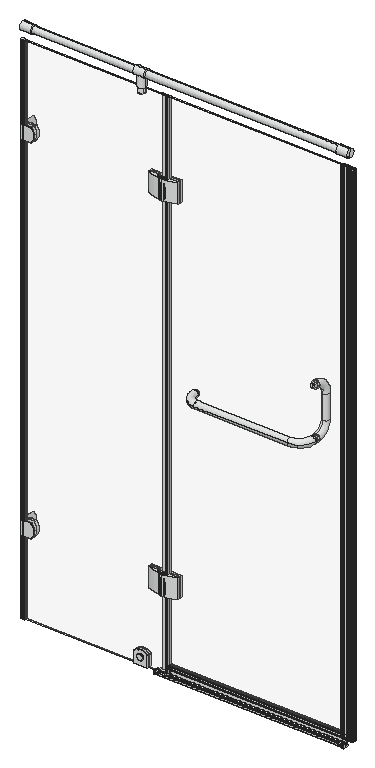
Revit family "Shower-Shower_Door-KOHLER-TRILGOY-K-72923T_1", category Specialty Equipment, host Face, Revit 2017 (continued)
Definition of nested family "K-72923T"
  Lines and regions (in)
    symbolic lines, detail levels medium+fine
      curve 116: arc (-9.67742, -0.82607, 0) -> (-8.87744, -0.72275, 0) -> (-8.11063, -0.47244, 0) r 4.31799
      curve 117: arc (-10.78494, -0.69104, 0) -> (-10.47212, -0.74857, 0) -> (-10.15587, -0.7826, 0) r 4.26041
      curve 118: line (-9.79168, -0.83006, 0) -> (-9.67742, -0.82607, 0)
      curve 119: arc (-10.10357, -0.47244, 0) -> (-10.04703, -0.73795, 0) -> (-9.79168, -0.83006, 0) r 0.27933
      curve 120: line (-10.15587, -0.7826, 0) -> (-9.98487, -0.79156, 0)
      curve 121: arc (-9.72063, -0.55589, 0) -> (-9.83959, -0.67485, 0) -> (-9.95855, -0.55589, 0) r 0.11896
      curve 122: arc (-9.95855, -0.55589, 0) -> (-9.94967, -0.5108, 0) -> (-9.92437, -0.47244, 0) r 0.11896
      curve 123: arc (-9.07798, -0.47244, 0) -> (-9.32819, -0.63229, 0) -> (-9.57841, -0.47244, 0) r 0.27575
      curve 124: arc (-10.20187, -0.52175, 0) -> (-10.40164, -0.57848, 0) -> (-10.5802, -0.47244, 0) r 0.26274
      curve 125: line (-10.15587, -0.7826, 0) -> (-10.20187, -0.52175, 0)
      curve 126: arc (-10.10995, -0.49331, 0) -> (-10.15431, -0.51268, 0) -> (-10.20187, -0.52175, 0) r 0.21737
      curve 127: arc (-9.75481, -0.47244, 0) -> (-9.72951, -0.5108, 0) -> (-9.72063, -0.55589, 0) r 0.11896
      curve 128: line (-9.21124, -0.86434, 0) -> (-9.21124, -0.78441, 0)
      curve 129: line (-9.21124, -0.60627, 0) -> (-9.21124, -0.47244, 0)
      curve 130: line (-10.66683, -0.91282, 0) -> (-10.66683, -0.71561, 0)
      curve 131: arc (0, 0.51893, 76.43129) -> (0, 0.00035, 76.08311) -> (0, -0.51867, 76.43063) r 0.56081
      curve 132: line (0, 0.20012, 74.80315) -> (0, 0.20012, 0)
      curve 133: line (0, -0.23191, 74.80315) -> (0, -0.23191, 0)
      curve 134: line (0, -0.25182, 0.6118) -> (0, -0.25182, 73.96568)
      curve 135: line (0, -0.27151, 73.96568) -> (0, -0.27302, 0.6118)
      curve 136: line (0, 0.23529, 1.96305) -> (0, 0.23529, 73.96741)
      curve 137: line (0, 0.26003, 73.96741) -> (0, 0.20012, 73.96741)
      curve 138: line (0, -0.29165, 73.96568) -> (0, -0.23191, 73.96568)
      curve 139: line (0, 0.4211, 74.80315) -> (0, -0.42152, 74.80315)
      curve 140: line (0, 0.26003, 64.35149) -> (0, 0.26003, 61.59559)
      curve 141: line (0, -0.29165, 64.35149) -> (0, -0.29165, 61.59559)
      curve 142: line (0, 0.37856, 64.35183) -> (0, 0.37856, 61.59547)
      curve 143: line (0, 1.62803, 63.97638) -> (0, 0.37856, 63.97638)
      curve 144: line (0, 0.37856, 62.00788) -> (0, 1.62803, 62.00788)
      curve 145: circle (0, 1.45137, 63.04925) r 0.31496 normal (1, 0, 0)
      curve 146: line (0, -0.29165, 38.35076) -> (0, -0.29165, 37.35893)
      curve 147: line (0, 0.25936, 38.34655) -> (0, 0.26013, 37.35994)
      curve 148: line (0, 0.26003, 45.31221) -> (0, 0.25936, 44.32544)
      curve 149: line (0, -0.29165, 13.20771) -> (0, -0.29165, 10.45255)
      curve 150: line (0, 0.26013, 13.21823) -> (0, 0.26013, 10.4561)
      curve 151: line (0, 0.37856, 12.7955) -> (0, 0.37856, 10.827)
      curve 152: circle (0, 1.60773, 11.82673) r 0.31496 normal (1, 0, 0)
      curve 153: line (0, 0.20012, 1.96305) -> (0, 0.26013, 1.96305)
      curve 154: line (0, -0.27302, 0.43307) -> (0, -0.27314, -0.00393)
      curve 155: line (0, -0.27302, 0.6118) -> (0, -0.23191, 0.6118)
      curve 156: line (0, 0.62938, 10.82403) -> (0, 0.62938, 12.79253)
      curve 157: line (0, -0.7826, 13.21823) -> (0, -0.7826, 10.4561)
      curve 158: line (0, 0.62938, 63.97638) -> (0, 0.62938, 62.00788)
      curve 159: line (0, -0.7826, 64.34766) -> (0, -0.7826, 61.59175)
  Dimensions and locks (in)
    plane 4 to plane 2 = 77.20472"
    plane 5 to plane 2 = 37.83465"
    plane 6 to plane 2 = 74.80315"
    plane 7 to plane 8 = 48.15953"  (x2)
    plane 10 to plane 11 = 0.94488"
    plane 12 to plane 13 = 24.91375"
    plane 15 to plane 14 = 0.94479"
    plane 7 to plane 16 = 33.80732"
    plane 17 to plane 18 = 0.52006"
    plane 20 to plane 19 = 5.23613"
    plane 21 to plane 22 = 17.99778"
    plane 19 to plane 23 = 0.9882"
    aligned and locked: level to plane 2
Types (3): name | Type | Model | Finish
  (no name) | 1 | "K-72923T-L-SHP" | Kohler-Metal-SHP-Bright_Polished_Silver
  SHP-Polished Bright Silver | 1 | "K-72923T-L-SHP" | Kohler-Metal-SHP-Bright_Polished_Silver
  2BL-Original Black | 2 | "K-72923T-L-2BL" | Kohler-Metal-2BL-Original_Black
